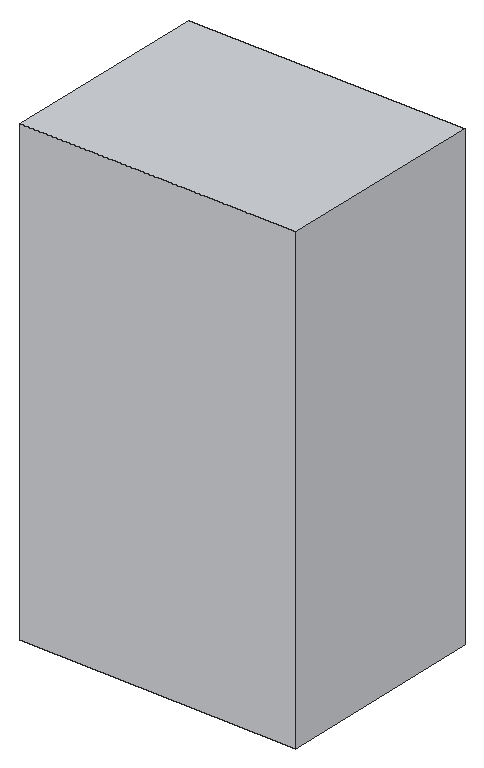
Revit family
Parameters
  Warranty Duration (Years) = 0
  Unit Length [instance] = 1' - 6"
  URL = "http://www.americanspecialties.com/viewCategories.cfm"
  Body Material = Metal - Stainless Steel
  Trim Material [instance] = Metal - Stainless Steel
  Test Data = ""
  Specification = "http://www.arcat.com/sdspecs/htm/10810asi.htm"
  SpecWizard = ""
  Send Message = "http://www.arcat.com/users.pl?action=UserEmail&company=American%20Specialties,%20Inc.&coid=30448&rep=139&fax=914-476-0688&mf="
  Sales Information = "http://www.americanspecialties.com/contact"
  Revision = "R1_10-2010"
  Product Properties = "http://www.americanspecialties.com/datasheets/0755-Z.pdf"
  Product Data = "http://www.arcat.com/arcatcos/cos30/arc30448.html"
  Model = "As Specified in 10 28 13"
  Manufacturer Website = "http://www.americanspecialties.com/viewCategories.cfm"
  Manufacturer Phone - Toll Free = ""
  Manufacturer Phone = "914-476-9000 "
  Manufacturer Fax = "914-476-0688"
  Manufacturer Address = "441 Saw Mill River Rd., Yonkers, NY 10701"
  Manufacturer = "American Specialties, Inc."
  Maintenance Schedule (Months) = 0
  Keynote = "10 28 13"
  Installation-Fabrication = "http://www.americanspecialties.com/products.cfm"
  Green Building-LEED = ""
  Expected Lifespan (Years) = 0
  Drawn By = "Robert S. Weygant. CSI, CDT, SCIP"  # constant formula
  Description = "Toilet Accessory as Specified in 10 28 13"
  Default Elevation = 4' - 0"
  Copyright = "©Arcat Inc."
  Construction Details = "http://www.arcat.com/green/clients/leed_data_30448.html"
  Building Codes = "http://www.americanspecialties.com/products.cfm"
  Assembly Code = "C1030210"
Reference planes (in)
  plane 1 "Center (Front/Back)": y = -0.29112
  plane 2 "Floor Line": z = 0
  plane 3 "Center (Left/Right)": x = -0.65843
  plane 4: z = 0.4375
  plane 5: z = 1.1875
  plane 6: y = 0.42763
  plane 7: y = -1.00987
  plane 8: z = 2.75
  plane 9: x = -9.65843
  plane 10: x = 8.34157
  plane 11: z = 1.98574
  plane 12: x = -10.68968
  plane 13: x = -8.62718
  plane 14: x = 7.31032
  plane 15: x = 9.37282
Forms (in)
  Extrusion 1, solid
    sketch origin (-3, -9, -6) x (0, 0, -1) y (1, 0, 0)
      loop
        line (-82, 26) -> (-82, -19.34712) -> (-6, -19.34712) -> (-6, 26) -> (-82, 26)
    from 9 to -25.60721
  Extrusion 2, solid, material "Metal - Stainless Steel" <- "Body Material"
    sketch origin (3.9448, 1.98146, 0) x (1, 0, 0) y (0, 1, 0)
      loop
        line (-12.57198, -1.55383) -> (-14.63448, -1.55383) -> (-14.63448, -2.99133) -> (-12.57198, -2.99133) -> (-12.57198, -1.55383)
    from 0 to 0.4375
  Extrusion 3, solid, material "Metal - Stainless Steel" <- "Body Material"
    sketch origin (-0.0625, 0, 0) x (1, 0, 0) y (0, 1, 0)
      loop
        line (-9.72093, 0.20888) -> (-9.72093, -0.79112) -> (-9.47093, -0.79112) -> (-9.47093, 0.20888) -> (-9.72093, 0.20888)
    from 1.1875 to 1.98574
  Extrusion 4, solid, material "Metal - Stainless Steel" <- "Body Material"
    sketch origin (-0.0625, -0.29112, 0) x (1, 0, 0) y (0, 0, 1)
      loop
        line (-8.56468, 0.4375) -> (-9.47093, 1.1875) -> (-9.72093, 1.1875) -> (-10.62718, 0.4375) -> (-8.56468, 0.4375)
    from -0.71875 to 0.71875
  Extrusion 5, solid, material "Metal - Stainless Steel" <- "Body Material"
    sketch origin (-5.26166, 1.98146, 0) x (-1, 0, 0) y (0, -1, 0)
      loop
        line (-12.57198, 1.55383) -> (-12.57198, 2.99133) -> (-14.63448, 2.99133) -> (-14.63448, 1.55383) -> (-12.57198, 1.55383)
    from 0 to 0.4375
  Extrusion 6, solid, material "Metal - Stainless Steel" <- "Body Material"
    sketch origin (-1.25437, 0, 0) x (-1, 0, 0) y (0, -1, 0)
      loop
        line (-9.72093, -0.20888) -> (-9.47093, -0.20888) -> (-9.47093, 0.79112) -> (-9.72093, 0.79112) -> (-9.72093, -0.20888)
    from 1.1875 to 1.98574
  Extrusion 7, solid, material "Metal - Stainless Steel" <- "Body Material"
    sketch origin (-1.25437, -0.29112, 0) x (-1, 0, 0) y (0, 0, -1)
      loop
        line (-8.56468, -0.4375) -> (-10.62718, -0.4375) -> (-9.72093, -1.1875) -> (-9.47093, -1.1875) -> (-8.56468, -0.4375)
    from -0.71875 to 0.71875
  Extrusion 8, solid, material "Metal - Stainless Steel" <- "Body Material"
    sketch origin (0, -0.29112, -0.09202) x (1, 0, 0) y (0, 0, 1)
      loop
        line (-9.78343, 2.07775) -> (-9.53343, 2.07775) -> (-9.53343, 2.33562) -> (-9.48507, 2.33562) -> (-9.48507, 3.34841) -> (-9.78343, 3.34841) -> (-9.78343, 2.07775)
    from -0.5 to 0.5
  Extrusion 9, solid, material "Metal - Stainless Steel" <- "Body Material"
    sketch origin (-1.31687, -0.29112, -0.09202) x (-1, 0, 0) y (0, 0, -1)
      loop
        line (-9.78343, -1.98574) -> (-9.78343, -3.34841) -> (-9.48507, -3.34841) -> (-9.48507, -2.33562) -> (-9.53343, -2.33562) -> (-9.53343, -1.98574) -> (-9.78343, -1.98574)
    from -0.5 to 0.5
  Extrusion 10, solid, material "Metal - Stainless Steel" <- "Body Material"
    sketch origin (-0.65843, 0, -0.09202) x (0, 1, 0) y (0, 0, 1)
      loop
        circle (-0.29112, 2.84202) r 0.47794
    from -9 to 9
  Extrusion 11, void
    sketch origin (-0.65843, 0, 0) x (0, 1, 0) y (0, 0, 1)
      loop
        line (0.42763, 0.4375) -> (0.51367, 1.26917) -> (0.20888, 1.1875)
        arc (0.20888, 1.1875) -> (0.27302, 0.7993) -> (0.42763, 0.4375) r 1.64249
    from -10.03125 to 10.03125
  Extrusion 12, void
    sketch origin (-0.65843, -0.58223, 0) x (0, -1, 0) y (0, 0, -1)
      loop
        arc (0.42763, -0.4375) -> (0.27302, -0.7993) -> (0.20888, -1.1875) r 1.64249
        line (0.20888, -1.1875) -> (0.51367, -1.26917) -> (0.42763, -0.4375)
    from -10.03125 to 10.03125
Cuts and joins
  Extrusion 11, Extrusion 12 cuts Extrusion 5
  Extrusion 11, Extrusion 12 cuts Extrusion 6
  Extrusion 11, Extrusion 12 cuts Extrusion 7
  Extrusion 11, Extrusion 12 cuts Extrusion 9
  joined: Extrusion 5, Extrusion 6, Extrusion 7, Extrusion 9
  Extrusion 11, Extrusion 12 cuts Extrusion 4
  joined: Extrusion 2, Extrusion 4, Extrusion 8
Dimensions and locks (in)
  equal spacing: plane 9, plane 3 "Center (Left/Right)", plane 10
  "Unit Length": plane 9 to plane 10
  locked: plane 12 to plane 9 at 1.03125
  locked: plane 9 to plane 13 at 1.03125
  locked: plane 14 to plane 10 at 1.03125
  locked: plane 10 to plane 15 at 1.03125
  aligned and locked: plane 4 to Extrusion 2
  aligned and locked: Extrusion 3 to plane 5
  aligned and locked: Extrusion 2 to Extrusion 4
  aligned and locked: Extrusion 4 to Extrusion 2
  aligned and locked: Extrusion 2 to plane 6
  aligned and locked: plane 7 to Extrusion 2
  aligned and locked: Extrusion 5 to Extrusion 7
  aligned and locked: Extrusion 7 to Extrusion 5
  aligned and locked: cut or joined group of Extrusion 5, Extrusion 6, Extrusion 7, Extrusion 9, Extrusion 11, Extrusion 12 to plane 11
  aligned and locked: Extrusion 3 to plane 11
  aligned and locked: Extrusion 8 to Extrusion 3  (x2)
  aligned and locked: cut or joined group of Extrusion 2, Extrusion 4, Extrusion 8, Extrusion 11, Extrusion 12 to cut or joined group of Extrusion 2, Extrusion 4, Extrusion 8, Extrusion 11, Extrusion 12  (x2)
  aligned and locked: cut or joined group of Extrusion 5, Extrusion 6, Extrusion 7, Extrusion 9, Extrusion 11, Extrusion 12 to cut or joined group of Extrusion 5, Extrusion 6, Extrusion 7, Extrusion 9, Extrusion 11, Extrusion 12
  aligned and locked: Extrusion 10 to plane 9
  aligned and locked: plane 10 to Extrusion 10
  aligned and locked: Extrusion 12 to Extrusion 5
  aligned and locked: Extrusion 5 to Extrusion 11
  aligned and locked: Extrusion 11 to cut or joined group of Extrusion 2, Extrusion 4, Extrusion 8, Extrusion 11, Extrusion 12
  aligned and locked: cut or joined group of Extrusion 2, Extrusion 4, Extrusion 8, Extrusion 11, Extrusion 12 to Extrusion 12
  aligned and locked: cut or joined group of Extrusion 2, Extrusion 4, Extrusion 8, Extrusion 11, Extrusion 12 to plane 12  (x2)
  aligned and locked: cut or joined group of Extrusion 2, Extrusion 4, Extrusion 8, Extrusion 11, Extrusion 12 to plane 13
  aligned and locked: cut or joined group of Extrusion 5, Extrusion 6, Extrusion 7, Extrusion 9, Extrusion 11, Extrusion 12 to plane 14
  aligned and locked: cut or joined group of Extrusion 5, Extrusion 6, Extrusion 7, Extrusion 9, Extrusion 11, Extrusion 12 to plane 15
  aligned and locked: plane 11 to Extrusion 8
Automatic sketch dimensions
  Extrusion 1 sketch curve to Extrusion 1 sketch curve = 6' - 4"
  Extrusion 1 sketch curve to Extrusion 1 sketch curve = 3' - 9.34712"
  Extrusion 2 sketch curve to plane 6 = 0' - 0"
  Extrusion 2 sketch curve to plane 7 = 0' - 0"
  Extrusion 2 sketch curve to plane 9 = 0' - 1 1/32"
  plane 9 to Extrusion 2 sketch curve = 0' - 1 1/32"
  Extrusion 3 sketch curve to plane 9 = 0' - 0 1/8"
  plane 9 to Extrusion 3 sketch curve = 0' - 0 1/8"
  Extrusion 3 sketch curve to plane 7 = 0' - 0 7/32"
  plane 6 to Extrusion 3 sketch curve = 0' - 0 7/32"
  Extrusion 4 sketch curve to plane 4 = 0' - 0"
  Extrusion 4 sketch curve to plane 5 = 0' - 0"
  Extrusion 4 sketch curve to plane 9 = 0' - 1 1/32"
  Extrusion 4 sketch curve to plane 9 = 0' - 0 1/8"
  plane 9 to Extrusion 4 sketch curve = 0' - 0 1/8"
  plane 9 to Extrusion 4 sketch curve = 0' - 1 1/32"
  Extrusion 5 sketch curve to plane 6 = 0' - 0"
  Extrusion 5 sketch curve to plane 7 = 0' - 0"
  Extrusion 5 sketch curve to plane 10 = 0' - 1 1/32"
  plane 10 to Extrusion 5 sketch curve = 0' - 1 1/32"
  Extrusion 6 sketch curve to plane 10 = 0' - 0 1/8"
  plane 10 to Extrusion 6 sketch curve = 0' - 0 1/8"
  plane 7 to Extrusion 6 sketch curve = 0' - 0 7/32"
  Extrusion 6 sketch curve to plane 6 = 0' - 0 7/32"
  Extrusion 7 sketch curve to plane 4 = 0' - 0"
  Extrusion 7 sketch curve to plane 5 = 0' - 0"
  Extrusion 7 sketch curve to plane 10 = 0' - 1 1/32"
  Extrusion 7 sketch curve to plane 10 = 0' - 0 1/8"
  plane 10 to Extrusion 7 sketch curve = 0' - 0 1/8"
  plane 10 to Extrusion 7 sketch curve = 0' - 1 1/32"
  Extrusion 8 sketch curve to plane 9 = 0' - 0 1/8"
  plane 9 to Extrusion 8 sketch curve = 0' - 0 1/8"
  plane 9 to Extrusion 8 sketch curve = 0' - 0.17337"
  Extrusion 8 sketch curve to plane 11 = 0' - 0.25787"
  plane 8 to Extrusion 8 sketch curve = 0' - 0.5064"
  Extrusion 9 sketch curve to plane 11 = 0' - 0.09202"
  Extrusion 9 sketch curve to plane 10 = 0' - 0 1/8"
  plane 10 to Extrusion 9 sketch curve = 0' - 0 1/8"
  plane 10 to Extrusion 9 sketch curve = 0' - 0.17337"
  plane 11 to Extrusion 9 sketch curve = 0' - 0.25787"
  Extrusion 9 sketch curve to plane 8 = 0' - 0.5064"
  Extrusion 11 sketch curve to plane 5 = 0' - 0"
  Extrusion 11 sketch curve to plane 4 = 0' - 0"
  Extrusion 11 sketch curve to plane 6 = 0' - 0"
  Extrusion 11 sketch curve to plane 1 "Center (Front/Back)" = 0' - 0 1/2"
  Extrusion 11 sketch curve to plane 6 = 0' - 0.08603"
  plane 5 to Extrusion 11 sketch curve = 0' - 0.0717"
  plane 5 to Extrusion 11 sketch curve = 0' - 0.08167"
  Extrusion 12 sketch curve to plane 5 = 0' - 0"
  Extrusion 12 sketch curve to plane 4 = 0' - 0"
  Extrusion 12 sketch curve to plane 7 = 0' - 0"
  Extrusion 12 sketch curve to plane 1 "Center (Front/Back)" = 0' - 0 1/2"
  Extrusion 12 sketch curve to plane 7 = 0' - 0.08603"
  Extrusion 12 sketch curve to plane 5 = 0' - 0.0717"
  Extrusion 12 sketch curve to plane 5 = 0' - 0.08167"
  Extrusion 10 sketch curve to plane 1 "Center (Front/Back)" = 0' - 0"
  plane 8 to Extrusion 10 sketch curve = 0' - 0"
  Extrusion 8 sketch curve to plane 11 = 0' - 0"
  radius of Extrusion 10 sketch curve = 0' - 0.47794"
